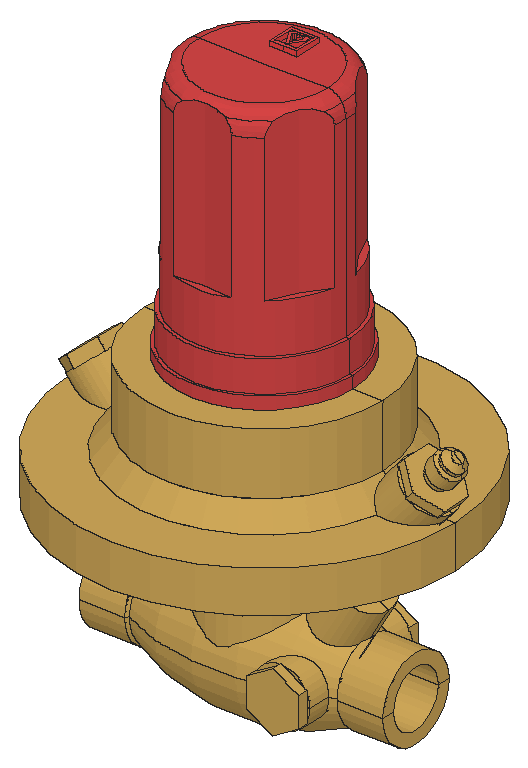
Revit family "Differenzdruckregler 4007_FIX_WE", category Rohrzubehör, Revit 2021
Family settings
  Bemaßung runder Anschluss = Durchmesser verwenden
  Teiletyp = Unterbricht
  OmniClass-Nummer = 23.65.55.14.24
  OmniClass-Titel = Mixing Valves for Liquid Services
  Arbeitsebenenbasiert = Nein
  Immer vertikal = Ja
  Beim Laden mit Abzugskörper schneiden = Nein
  Gemeinsam genutzt = Nein
Parameters
  t1 = 24.467 mm
  Vorgabe-Ansicht = 0.00 mm
  Min. Betriebstemperatur (reines Wasser) = 2 °C  # constant formula
  Min. Betriebstemperatur (Frostschutz, Messinggehäuse) = -20 °C  # constant formula
  Min. Betriebstemperatur (Frostschutz, Graugussgehäuse) = -10 °C  # constant formula
  Max. zulässige Betriebstemperatur = 95 °C  # constant formula
  Max. Differenzdruck am Gehäuse = 250000.0 Pa  # constant formula
  m4 [instance] = R03 - 11.00 mm  # 16.50 mm
  m3 = 4.00 mm
  m2 [instance] = R03 - 8.50 mm  # 19.00 mm
  m1 = 3.50 mm
  k9 = 17.65 mm
  k8 = 130.00°
  k7 = 9.45 mm
  k6 = 8.678 mm
  k5 = 11.83 mm
  k4 = 142.00°
  k3 = 63.00 mm
  k22 = 3.217 mm
  k21 = 28.72 mm
  k20 = 70.557 mm
  k2 = 49.08 mm
  k19 = 24.467 mm
  k18 = 24.467 mm
  k17 [instance] = 4.002 mm
  k16 = 7.283 mm
  k15 [instance] = size_lookup("4007_FIX_WE", "k15", 10.00 mm, Nennweite)  # 7.28 mm
  k14 = 101.662 mm
  k13 = 14.00 mm
  k12 = 39.276 mm
  k11 = 45.00 mm
  k10 = 20.56 mm
  k1 = 21.00 mm
  h2 [instance] = size_lookup("4007_FIX_WE", "h2", 18.75 mm, Nennweite)  # 18.75 mm
  h1 = 20.595 mm
  a3 = 9.50 mm
  a2 = 21.021 mm
  a1 = 9.50 mm
  Ventilgehäuse 4007 = "entzinkungsbeständiges Messing"  # constant formula
  URL = "www.herz-armaturen.at"
  Sollwertfeder = "nichtrostender Stahl"  # constant formula
  Schrauben [instance] = if(Nennweite = 15.00 mm, "4x M12x50", if(Nennweite = 20.00 mm, "4x M12x55", if(Nennweite = 25.00 mm, "4x M12x55", if(Nennweite = 32.00 mm, "4x M16x60", if(Nennweite = 40.00 mm, "4x M16x60", if(Nennweite = 50.00 mm, "4x M16x60", if(Nennweite = 65.00 mm, "4x M16x60", if(Nennweite = 80.00 mm, "8x M16x65", if(Nennweite = 100.00 mm, "8x M16x65", if(Nennweite = 125.00 mm, "8x M16x70", if(Nennweite = 150.00 mm, "8x M20x70", if(Nennweite = 200.00 mm, "12x M20x75", if(Nennweite = 250.00 mm, "12x M24x85", if(Nennweite = 300.00 mm, "12x M24x85", if(Nennweite = 350.00 mm, "16x M24x90", "16x M27x100")))))))))))))))  # "4x M12x50"
  SW [instance] = size_lookup("4007_FIX_WE", "SW", 13.50 mm, Nennweite)  # 13.50 mm
  SCRNSEQ = "ARM;ARM_TYP=\"DIFR\";2"
  SCRNCODE = "05;03;4"  # constant formula
  Rp [instance] = size_lookup("4007_FIX_WE", "Rp", 9.30 mm, Nennweite)  # 9.316 mm
  R04 [instance] = size_lookup("4007_FIX_WE", "R04", 19.50 mm, Nennweite)  # 19.50 mm
  R03 [instance] = size_lookup("4007_FIX_WE", "R03", 27.50 mm, Nennweite)  # 27.50 mm
  R02 [instance] = size_lookup("4007_FIX_WE", "R02", 12.70 mm, Nennweite)  # 12.70 mm
  R01 [instance] = size_lookup("4007_FIX_WE", "R01", 21.00 mm, Nennweite)  # 21.00 mm
  Nennweite [instance] = 15.00 mm
  Membrane und O-Ringe = "EPDM"  # constant formula
  Medium = "Die Verwendung von Ethylen- und Propylenglykol ist im Mischungsverhältnis 25 - 50 % zulässig.\r\nHeizwasserqualität entsprechend ÖNORM H 5195 bzw. VDI-Richtlinie 2035. Als Korrosionsschutz kann Helamin HS 190H oder Waterdos OXA30 verwendet werden."
  L03 [instance] = size_lookup("4007_FIX_WE", "L03", 35.00 mm, Nennweite)  # 35.00 mm
  L02 [instance] = size_lookup("4007_FIX_WE", "L02", 21.00 mm, Nennweite)  # 21.00 mm
  L01 [instance] = size_lookup("4007_FIX_WE", "L01", 15.00 mm, Nennweite)  # 15.00 mm
  L [instance] = size_lookup("4007_FIX_WE", "L", 100.00 mm, Nennweite)  # 100.00 mm
  Hinweise zum Material = "Im Hanf enthaltenes Ammoniak schädigt Messingventilgehäuse, EPDM Dichtungen werden durch Mineralöle bzw. mineralölhaltige Schmierstoffe aufgequollen und führen somit zum Ausfall der EPDM-Dichtungen. Frost- und Korrosionsschutzmittel auf der Basis von Ethylenglykol sind die entsprechenden Angaben den Unterlagen des Herstellers zu entnehmen."
  Hersteller = "HERZ-Armaturen Ges.m.b.H"  # constant formula
  DN80 [instance] = Nennweite = 80.00 mm  # no
  DN65-80 [instance] = or(Nennweite = 65.00 mm, Nennweite = 80.00 mm)  # no
  DN65 [instance] = Nennweite = 65.00 mm  # no
  DN50 [instance] = Nennweite = 50.00 mm  # no
  DN40 [instance] = Nennweite = 40.00 mm  # no
  DN32-40 [instance] = or(Nennweite = 32.00 mm, Nennweite = 40.00 mm)  # no
  DN32 [instance] = Nennweite = 32.00 mm  # no
  DN25 [instance] = Nennweite = 25.00 mm  # no
  DN20 [instance] = Nennweite = 20.00 mm  # no
  DN15-50 [instance] = or(Nennweite = 15.00 mm, Nennweite = 20.00 mm, Nennweite = 25.00 mm, Nennweite = 32.00 mm, Nennweite = 40.00 mm, Nennweite = 50.00 mm)  # yes
  DN15-20 [instance] = or(Nennweite = 15.00 mm, Nennweite = 20.00 mm)  # yes
  DN15 [instance] = Nennweite = 15.00 mm  # yes
  Max. Betriebsdruck = 1000000.0 Pa  # constant formula
  Bestellnummer [instance] = size_lookup("4007_FIX_WE", "Artnr", 0, Nennweite)  # 1400751
  B1 [instance] = size_lookup("4007_FIX_WE", "b1", 9.50 mm, Nennweite)  # 9.50 mm
  Anwendungsgebiet = "Der Differenzdruckregler ist ein Proportionalregler in Geradsitzausführung und arbeitet ohne Hilfsenergie. Der Differenzdruck- Sollwert ist fix auf 23 kPa eingestellt."
Reference planes
  plane 1 "Mitte (Vorne/hinten)": y = 0
  plane 2: z = 0
  plane 3 "Mitte (Links/rechts)": x = 0
Forms (mm)
  Revolve 1, solid, material "Messing, weicher Gelbton, geschweißt", detail levels fine
    sketch origin (0, 0, 0) x (1, 0, 0) y (0, 1, 0)
      loop
        line (-50, 9.316) -> (50, 9.316) -> (50, 13.5) -> (35, 13.5) -> (34.365, 12.7)
        arc (34.365, 12.7) -> (0, 21) -> (-34.365, 12.7) r 75.292
        line (-34.365, 12.7) -> (-35, 13.5) -> (-50, 13.5) -> (-50, 9.316)
      axis (50, 0) -> (-50, 0)
    angle from 0 to 360
  Revolve 2, solid, material "Messing, weicher Gelbton, geschweißt", detail levels fine
    sketch origin (0, 0, 0) x (1, 0, 0) y (0, 0, 1)
      loop
        line (-19.5, 35) -> (-19.5, 0) -> (0, 0) -> (0, 35) -> (-19.5, 35)
      axis (0, 35) -> (0, 0)
    angle from 0 to 360
  Revolve 3, solid, material "Messing, weicher Gelbton, geschweißt", detail levels fine
    sketch origin (0, 0, 1.88) x (1, 0, 0) y (0, 0, 1)
      loop
        line (0, 33.116) -> (0, 134.779) -> (-21, 134.779) -> (-21, 82.196) -> (-39.276, 82.196) -> (-39.276, 61.639) -> (-45.35, 54.4) -> (-63, 54.4) -> (-63, 40.4) -> (-54.322, 40.4) -> (-45, 33.116) -> (0, 33.116)
      axis (0, 134.779) -> (0, 33.116)
    angle from 0 to 360
  Revolve 4, solid, material "Messing, weicher Gelbton, geschweißt", visible <- "DN15", detail levels fine
    sketch origin (0, 0, 0) x (1, 0, 0) y (0, 0, 1)
      loop
        line (-22.014, 8.727) -> (-13.787, 13.477) -> (-24.773, 32.507) -> (-33, 27.757) -> (-22.014, 8.727)
      axis (-33, 27.757) -> (-22.014, 8.727)
    angle from 0 to 360
  Revolve 5, solid, material "Messing, weicher Gelbton, geschweißt", visible <- "DN15", detail levels fine
    sketch origin (0, 0, 0) x (-1, 0, 0) y (0, 0, 1)
      loop
        line (-22.014, 8.727) -> (-13.787, 13.477) -> (-24.773, 32.507) -> (-33, 27.757) -> (-22.014, 8.727)
      axis (-33, 27.757) -> (-22.014, 8.727)
    angle from 0 to 360
  Revolve 6, solid, material "Messing, weicher Gelbton, geschweißt", visible <- "DN20", detail levels fine
    sketch origin (-0.6, 0, 0.94) x (1, 0, 0) y (0, 0, 1)
      loop
        line (-22.014, 8.727) -> (-13.787, 13.477) -> (-24.773, 32.507) -> (-33, 27.757) -> (-22.014, 8.727)
      axis (-33, 27.757) -> (-22.014, 8.727)
    angle from 0 to 360
  Revolve 7, solid, material "Messing, weicher Gelbton, geschweißt", visible <- "DN20", detail levels fine
    sketch origin (0.6, 0, 0.94) x (-1, 0, 0) y (0, 0, 1)
      loop
        line (-22.014, 8.727) -> (-13.787, 13.477) -> (-24.773, 32.507) -> (-33, 27.757) -> (-22.014, 8.727)
      axis (-33, 27.757) -> (-22.014, 8.727)
    angle from 0 to 360
  Revolve 8, solid, material "Messing, weicher Gelbton, geschweißt", visible <- "DN25", detail levels fine
    sketch origin (-4.851, 0, 5.003) x (1, 0, 0) y (0, 0, 1)
      loop
        line (-22.014, 8.727) -> (-13.787, 13.477) -> (-24.773, 32.507) -> (-33, 27.757) -> (-22.014, 8.727)
      axis (-33, 27.757) -> (-22.014, 8.727)
    angle from 0 to 360
  Revolve 9, solid, material "Messing, weicher Gelbton, geschweißt", visible <- "DN25", detail levels fine
    sketch origin (4.851, 0, 5.003) x (-1, 0, 0) y (0, 0, 1)
      loop
        line (-22.014, 8.727) -> (-13.787, 13.477) -> (-24.773, 32.507) -> (-33, 27.757) -> (-22.014, 8.727)
      axis (-33, 27.757) -> (-22.014, 8.727)
    angle from 0 to 360
  Revolve 10, solid, material "Messing, weicher Gelbton, geschweißt", visible <- "DN32", detail levels fine
    sketch origin (-12.5, 0, 10.252) x (1, 0, 0) y (0, 0, 1)
      loop
        line (-22.014, 8.727) -> (-13.787, 13.477) -> (-24.773, 32.507) -> (-33, 27.757) -> (-22.014, 8.727)
      axis (-33, 27.757) -> (-22.014, 8.727)
    angle from 0 to 360
  Revolve 11, solid, material "Messing, weicher Gelbton, geschweißt", visible <- "DN32", detail levels fine
    sketch origin (12.5, 0, 10.252) x (-1, 0, 0) y (0, 0, 1)
      loop
        line (-22.014, 8.727) -> (-13.787, 13.477) -> (-24.773, 32.507) -> (-33, 27.757) -> (-22.014, 8.727)
      axis (-33, 27.757) -> (-22.014, 8.727)
    angle from 0 to 360
  Revolve 12, solid, material "Messing, weicher Gelbton, geschweißt", visible <- "DN40", detail levels fine
    sketch origin (-18.5, 0, 13.444) x (1, 0, 0) y (0, 0, 1)
      loop
        line (-22.014, 8.727) -> (-13.787, 13.477) -> (-24.773, 32.507) -> (-33, 27.757) -> (-22.014, 8.727)
      axis (-33, 27.757) -> (-22.014, 8.727)
    angle from 0 to 360
  Revolve 13, solid, material "Messing, weicher Gelbton, geschweißt", visible <- "DN40", detail levels fine
    sketch origin (18.5, 0, 13.444) x (-1, 0, 0) y (0, 0, 1)
      loop
        line (-22.014, 8.727) -> (-13.787, 13.477) -> (-24.773, 32.507) -> (-33, 27.757) -> (-22.014, 8.727)
      axis (-33, 27.757) -> (-22.014, 8.727)
    angle from 0 to 360
  Revolve 14, solid, material "Messing, weicher Gelbton, geschweißt", visible <- "DN50", detail levels fine
    sketch origin (-23.5, 0, 19.174) x (1, 0, 0) y (0, 0, 1)
      loop
        line (-22.014, 8.727) -> (-13.787, 13.477) -> (-24.773, 32.507) -> (-33, 27.757) -> (-22.014, 8.727)
      axis (-33, 27.757) -> (-22.014, 8.727)
    angle from 0 to 360
  Revolve 15, solid, material "Messing, weicher Gelbton, geschweißt", visible <- "DN50", detail levels fine
    sketch origin (23.5, 0, 19.174) x (-1, 0, 0) y (0, 0, 1)
      loop
        line (-22.014, 8.727) -> (-13.787, 13.477) -> (-24.773, 32.507) -> (-33, 27.757) -> (-22.014, 8.727)
      axis (-33, 27.757) -> (-22.014, 8.727)
    angle from 0 to 360
  Revolve 16, solid, material "Messing, weicher Gelbton, geschweißt", detail levels fine
    sketch origin (0, 0, 0) x (1, 0, 0) y (0, 1, 0)
      loop
        line (32, 0) -> (32, 21) -> (22.5, 21) -> (22.5, 0) -> (32, 0)
      axis (22.5, 21) -> (22.5, 0)
    angle from 0 to 360
  Revolve 17, solid, material "Messing, weicher Gelbton, geschweißt", detail levels fine
    sketch origin (0, 0, 0) x (1, 0, 0) y (0, -1, 0)
      loop
        line (32, 0) -> (32, 21) -> (22.5, 21) -> (22.5, 0) -> (32, 0)
      axis (22.5, 21) -> (22.5, 0)
    angle from 0 to 360
  Extrusion 18, solid, material "Messing, weicher Gelbton, geschweißt", visible <- "DN15-50", detail levels fine
    sketch origin (0, 0, 0) x (1, 0, 0) y (0, 0, -1)
      loop
        line (31, -4.907) -> (31, 4.907) -> (22.5, 9.815) -> (14, 4.907) -> (14, -4.907) -> (22.5, -9.815) -> (31, -4.907)
    from 21 to 24.5
  Extrusion 19, solid, material "Messing, weicher Gelbton, geschweißt", visible <- "DN15-50", detail levels fine
    sketch origin (0, 0, 0) x (1, 0, 0) y (0, 0, 1)
      loop
        line (31, 4.907) -> (22.5, 9.815) -> (14, 4.907) -> (14, -4.907) -> (22.5, -9.815) -> (31, -4.907) -> (31, 4.907)
    from 21 to 24.5
  Revolve 20, solid, material "Messing, weicher Gelbton, geschweißt", detail levels fine
    sketch origin (0, 0, 0) x (1, 0, 0) y (0, 0, 1)
      loop
        line (-54.637, 64.894) -> (-41.125, 48.791) -> (-33.848, 54.897) -> (-47.36, 71) -> (-54.637, 64.894)
      axis (-54.637, 64.894) -> (-41.125, 48.791)
    angle from 0 to 360
  Revolve 21, solid, material "Messing, weicher Gelbton, geschweißt", detail levels fine
    sketch origin (0, 0, 0) x (-1, 0, 0) y (0, 0, 1)
      loop
        line (-54.637, 64.894) -> (-41.125, 48.791) -> (-33.848, 54.897) -> (-47.36, 71) -> (-54.637, 64.894)
      axis (-54.637, 64.894) -> (-41.125, 48.791)
    angle from 0 to 360
  Extrusion 22, solid, material "Messing, weicher Gelbton, geschweißt", visible <- "DN15-20", detail levels fine
    sketch origin (-123.581, 0, 7.046) x (0.766044, 0, 0.642788) y (0, 1, 0)
      loop
        line (98.5, 4.907) -> (90, 9.815) -> (81.5, 4.907) -> (81.5, -4.907) -> (90, -9.815) -> (98.5, -4.907) -> (98.5, 4.907)
    from 0 to 4
  Extrusion 23, solid, material "Messing, weicher Gelbton, geschweißt", visible <- "DN15-20", detail levels fine
    sketch origin (-14.307, 0, 122.748) x (0.766044, 0, -0.642788) y (0, 1, 0)
      loop
        line (98.5, 4.907) -> (90, 9.815) -> (81.5, 4.907) -> (81.5, -4.907) -> (90, -9.815) -> (98.5, -4.907) -> (98.5, 4.907)
    from 0 to 3.4
  Revolve 24, solid, material "Messing, weicher Gelbton, geschweißt", visible <- "DN15-20", detail levels fine
    sketch origin (0, 0, 0) x (1, 0, 0) y (0, 0, 1)
      loop
        line (56.822, 67.502) -> (59.81, 64.995) -> (61.417, 66.91) -> (62.155, 66.29) -> (65.109, 69.81) -> (64.941, 71.133) -> (65.648, 71.975) -> (65.414, 74.652) -> (63.893, 75.928) -> (56.822, 67.502)
      axis (63.893, 75.928) -> (56.822, 67.502)
    angle from 0 to 360
  Extrusion 25, solid, material "Messing, weicher Gelbton, geschweißt", visible <- "DN25", detail levels fine
    sketch origin (-123.581, 0, 17.046) x (0.766044, 0, 0.642788) y (0, 1, 0)
      loop
        line (98.5, 4.907) -> (90, 9.815) -> (81.5, 4.907) -> (81.5, -4.907) -> (90, -9.815) -> (98.5, -4.907) -> (98.5, 4.907)
    from 0 to 4
  Extrusion 26, solid, material "Messing, weicher Gelbton, geschweißt", visible <- "DN25", detail levels fine
    sketch origin (-14.307, 0, 132.748) x (0.766044, 0, -0.642788) y (0, 1, 0)
      loop
        line (98.5, 4.907) -> (90, 9.815) -> (81.5, 4.907) -> (81.5, -4.907) -> (90, -9.815) -> (98.5, -4.907) -> (98.5, 4.907)
    from 0 to 3.4
  Revolve 27, solid, material "Messing, weicher Gelbton, geschweißt", visible <- "DN25", detail levels fine
    sketch origin (0, 0, 10) x (1, 0, 0) y (0, 0, 1)
      loop
        line (56.822, 67.502) -> (59.81, 64.995) -> (61.417, 66.91) -> (62.155, 66.29) -> (65.109, 69.81) -> (64.941, 71.133) -> (65.648, 71.975) -> (65.414, 74.652) -> (63.893, 75.928) -> (56.822, 67.502)
      axis (63.893, 75.928) -> (56.822, 67.502)
    angle from 0 to 360
  Extrusion 28, solid, material "Messing, weicher Gelbton, geschweißt", visible <- "DN32-40", detail levels fine
    sketch origin (-123.581, 0, 22.046) x (0.766044, 0, 0.642788) y (0, 1, 0)
      loop
        line (98.5, 4.907) -> (90, 9.815) -> (81.5, 4.907) -> (81.5, -4.907) -> (90, -9.815) -> (98.5, -4.907) -> (98.5, 4.907)
    from 0 to 4
  Extrusion 29, solid, material "Messing, weicher Gelbton, geschweißt", visible <- "DN32-40", detail levels fine
    sketch origin (-14.307, 0, 137.748) x (0.766044, 0, -0.642788) y (0, 1, 0)
      loop
        line (98.5, 4.907) -> (90, 9.815) -> (81.5, 4.907) -> (81.5, -4.907) -> (90, -9.815) -> (98.5, -4.907) -> (98.5, 4.907)
    from 0 to 3.4
  Revolve 30, solid, material "Messing, weicher Gelbton, geschweißt", visible <- "DN32-40", detail levels fine
    sketch origin (0, 0, 15) x (1, 0, 0) y (0, 0, 1)
      loop
        line (56.822, 67.502) -> (59.81, 64.995) -> (61.417, 66.91) -> (62.155, 66.29) -> (65.109, 69.81) -> (64.941, 71.133) -> (65.648, 71.975) -> (65.414, 74.652) -> (63.893, 75.928) -> (56.822, 67.502)
      axis (63.893, 75.928) -> (56.822, 67.502)
    angle from 0 to 360
  Extrusion 31, solid, material "Messing, weicher Gelbton, geschweißt", visible <- "DN50", detail levels fine
    sketch origin (-123.581, 0, 32.546) x (0.766044, 0, 0.642788) y (0, 1, 0)
      loop
        line (98.5, 4.907) -> (90, 9.815) -> (81.5, 4.907) -> (81.5, -4.907) -> (90, -9.815) -> (98.5, -4.907) -> (98.5, 4.907)
    from 0 to 4
  Extrusion 32, solid, material "Messing, weicher Gelbton, geschweißt", visible <- "DN50", detail levels fine
    sketch origin (-14.307, 0, 148.248) x (0.766044, 0, -0.642788) y (0, 1, 0)
      loop
        line (98.5, 4.907) -> (90, 9.815) -> (81.5, 4.907) -> (81.5, -4.907) -> (90, -9.815) -> (98.5, -4.907) -> (98.5, 4.907)
    from 0 to 3.4
  Revolve 33, solid, material "Messing, weicher Gelbton, geschweißt", visible <- "DN50", detail levels fine
    sketch origin (0, 0, 25.5) x (1, 0, 0) y (0, 0, 1)
      loop
        line (56.822, 67.502) -> (59.81, 64.995) -> (61.417, 66.91) -> (62.155, 66.29) -> (65.109, 69.81) -> (64.941, 71.133) -> (65.648, 71.975) -> (65.414, 74.652) -> (63.893, 75.928) -> (56.822, 67.502)
      axis (63.893, 75.928) -> (56.822, 67.502)
    angle from 0 to 360
  Extrusion 34, solid, material "Messing, weicher Gelbton, geschweißt", visible <- "DN65-80", detail levels fine
    sketch origin (31.509, 0, 0) x (1, 0, 0) y (0, 0, -1)
      loop
        line (1.991, -6.351) -> (1.991, 6.351) -> (-9.009, 12.702) -> (-20.009, 6.351) -> (-20.009, -6.351) -> (-9.009, -12.702) -> (1.991, -6.351)
    from 21 to 25
  Extrusion 35, solid, material "Messing, weicher Gelbton, geschweißt", visible <- "DN65-80", detail levels fine
    sketch origin (31.509, 0, 0) x (1, 0, 0) y (0, 0, 1)
      loop
        line (1.991, 6.351) -> (-9.009, 12.702) -> (-20.009, 6.351) -> (-20.009, -6.351) -> (-9.009, -12.702) -> (1.991, -6.351) -> (1.991, 6.351)
    from 21 to 25
  Revolve 36, solid, material "Messing, weicher Gelbton, geschweißt", visible <- "DN65", detail levels fine
    sketch origin (-32, 0, 28.317) x (1, 0, 0) y (0, 0, 1)
      loop
        line (-22.014, 8.727) -> (-13.787, 13.477) -> (-24.773, 32.507) -> (-33, 27.757) -> (-22.014, 8.727)
      axis (-33, 27.757) -> (-22.014, 8.727)
    angle from 0 to 360
  Revolve 37, solid, material "Messing, weicher Gelbton, geschweißt", visible <- "DN65", detail levels fine
    sketch origin (32, 0, 28.317) x (-1, 0, 0) y (0, 0, 1)
      loop
        line (-22.014, 8.727) -> (-13.787, 13.477) -> (-24.773, 32.507) -> (-33, 27.757) -> (-22.014, 8.727)
      axis (-33, 27.757) -> (-22.014, 8.727)
    angle from 0 to 360
  Revolve 38, solid, material "Messing, weicher Gelbton, geschweißt", visible <- "DN80", detail levels fine
    sketch origin (-41, 0, 35.243) x (1, 0, 0) y (0, 0, 1)
      loop
        line (-22.014, 8.727) -> (-13.787, 13.477) -> (-24.773, 32.507) -> (-33, 27.757) -> (-22.014, 8.727)
      axis (-33, 27.757) -> (-22.014, 8.727)
    angle from 0 to 360
  Revolve 39, solid, material "Messing, weicher Gelbton, geschweißt", visible <- "DN80", detail levels fine
    sketch origin (41, 0, 35.243) x (-1, 0, 0) y (0, 0, 1)
      loop
        line (-22.014, 8.727) -> (-13.787, 13.477) -> (-24.773, 32.507) -> (-33, 27.757) -> (-22.014, 8.727)
      axis (-33, 27.757) -> (-22.014, 8.727)
    angle from 0 to 360
  Revolve 40, solid, material "Messing, weicher Gelbton, geschweißt", detail levels fine
    sketch origin (0, 0, 1.7) x (1, 0, 0) y (0, 0, 1)
      loop
        line (0, 36.517) -> (-42, 36.517) -> (-42, 33.3) -> (0, 33.3) -> (0, 36.517)
      axis (0, 36.517) -> (0, 33.3)
    angle from 0 to 360
  Extrusion 41, solid, material "Messing, weicher Gelbton, geschweißt", visible <- "DN65", detail levels fine
    sketch origin (-123.581, 0, 40.263) x (0.766044, 0, 0.642788) y (0, 1, 0)
      loop
        line (98.5, 4.907) -> (90, 9.815) -> (81.5, 4.907) -> (81.5, -4.907) -> (90, -9.815) -> (98.5, -4.907) -> (98.5, 4.907)
    from 0 to 4
  Extrusion 42, solid, material "Messing, weicher Gelbton, geschweißt", visible <- "DN65", detail levels fine
    sketch origin (123.581, 0, 40.263) x (-0.766044, 0, 0.642788) y (0, -1, 0)
      loop
        line (98.5, -4.907) -> (98.5, 4.907) -> (90, 9.815) -> (81.5, 4.907) -> (81.5, -4.907) -> (90, -9.815) -> (98.5, -4.907)
    from 0 to 4
  Revolve 43, solid, material "Messing, weicher Gelbton, geschweißt", visible <- "DN65", detail levels fine
    sketch origin (0.386, 0, 33.676) x (1, 0, 0) y (0, 0, 1)
      loop
        line (56.822, 67.502) -> (59.81, 64.995) -> (61.417, 66.91) -> (62.155, 66.29) -> (65.109, 69.81) -> (64.941, 71.133) -> (65.648, 71.975) -> (65.414, 74.652) -> (63.893, 75.928) -> (56.822, 67.502)
      axis (63.893, 75.928) -> (56.822, 67.502)
    angle from 0 to 360
  Extrusion 44, solid, material "Messing, weicher Gelbton, geschweißt", visible <- "DN80", detail levels fine
    sketch origin (-123.581, 0, 41.963) x (0.766044, 0, 0.642788) y (0, 1, 0)
      loop
        line (98.5, 4.907) -> (90, 9.815) -> (81.5, 4.907) -> (81.5, -4.907) -> (90, -9.815) -> (98.5, -4.907) -> (98.5, 4.907)
    from 0 to 4
  Extrusion 45, solid, material "Messing, weicher Gelbton, geschweißt", visible <- "DN80", detail levels fine
    sketch origin (123.581, 0, 41.963) x (-0.766044, 0, 0.642788) y (0, -1, 0)
      loop
        line (98.5, -4.907) -> (98.5, 4.907) -> (90, 9.815) -> (81.5, 4.907) -> (81.5, -4.907) -> (90, -9.815) -> (98.5, -4.907)
    from 0 to 4
  Revolve 46, solid, material "Messing, weicher Gelbton, geschweißt", visible <- "DN80", detail levels fine
    sketch origin (0.386, 0, 35.376) x (1, 0, 0) y (0, 0, 1)
      loop
        line (56.822, 67.502) -> (59.81, 64.995) -> (61.417, 66.91) -> (62.155, 66.29) -> (65.109, 69.81) -> (64.941, 71.133) -> (65.648, 71.975) -> (65.414, 74.652) -> (63.893, 75.928) -> (56.822, 67.502)
      axis (63.893, 75.928) -> (56.822, 67.502)
    angle from 0 to 360
  Extrusion 47, solid, material "Messing, weicher Gelbton, geschweißt", visible <- "DN65", detail levels fine
    sketch origin (0, 0, 0) x (0, 1, 0) y (0, 0, -1)
      loop
        circle (0, 0.217) r 46
      loop
        circle (0, 0.217) r 42.499
    from 90 to 95
  Extrusion 48, solid, material "Messing, weicher Gelbton, geschweißt", visible <- "DN80", detail levels fine
    sketch origin (0, 0, 0) x (0, 1, 0) y (0, 0, 1)
      loop
        circle (0, -0.217) r 54
      loop
        circle (0, -0.217) r 50
    from -105 to -100
  Extrusion 49, solid, material "Messing, weicher Gelbton, geschweißt", visible <- "DN80", detail levels fine
    sketch origin (0, 0, 0) x (0, 1, 0) y (0, 0, -1)
      loop
        circle (0, 0.217) r 54
      loop
        circle (0, 0.217) r 50
    from -105 to -100
  Extrusion 50, solid, material "Messing, weicher Gelbton, geschweißt", visible <- "DN65", detail levels fine
    sketch origin (0, 0, 0) x (0, 1, 0) y (0, 0, 1)
      loop
        circle (0, -0.217) r 46
      loop
        circle (0, -0.217) r 42.499
    from 90 to 95
Lines and regions (mm)
  model lines, detail levels coarse+medium
    curve 1: spline (-63, 0, 49.28) -> (-60.853, 0, 51.092) -> (-54.56, 0, 52.78) -> (-44.548, 0, 54.23) -> (-31.5, 0, 55.342) -> (-16.306, 0, 56.041) -> (0, 0, 56.28) -> (16.306, 0, 56.041) -> (31.5, 0, 55.342) -> (44.548, 0, 54.23) -> (54.56, 0, 52.78) -> (60.853, 0, 51.092) -> (63, 0, 49.28) -> (60.853, 0, 47.468) -> (54.56, 0, 45.78) -> (44.548, 0, 44.33) -> (31.5, 0, 43.218) -> (16.306, 0, 42.519) -> (0, 0, 42.28) -> (-16.306, 0, 42.519) -> (-31.5, 0, 43.218) -> (-44.548, 0, 44.33) -> (-54.56, 0, 45.78) -> (-60.853, 0, 47.468) -> (-63, 0, 49.28)
    curve 2: line (50, 0, 13.5) -> (50, 0, -13.5)
    curve 3: line (50, 0, -13.5) -> (-50, 0, 13.5)
    curve 4: line (-50, 0, 13.5) -> (-50, 0, -13.5)
    curve 5: line (-50, 0, -13.5) -> (50, 0, 13.5)
    curve 6: line (25, 0, 6.75) -> (0, 0, 35)
    curve 7: line (-25, 0, 6.75) -> (0, 0, 35)
    curve 8: line (0, 0, 35) -> (0, 0, 42.28)
    curve 9: spline (-63, -49.28, 0) -> (-60.853, -47.468, 0) -> (-54.56, -45.78, 0) -> (-44.548, -44.33, 0) -> (-31.5, -43.218, 0) -> (-16.306, -42.519, 0) -> (0, -42.28, 0) -> (16.306, -42.519, 0) -> (31.5, -43.218, 0) -> (44.548, -44.33, 0) -> (54.56, -45.78, 0) -> (60.853, -47.468, 0) -> (63, -49.28, 0) -> (60.853, -51.092, 0) -> (54.56, -52.78, 0) -> (44.548, -54.23, 0) -> (31.5, -55.342, 0) -> (16.306, -56.041, 0) -> (0, -56.28, 0) -> (-16.306, -56.041, 0) -> (-31.5, -55.342, 0) -> (-44.548, -54.23, 0) -> (-54.56, -52.78, 0) -> (-60.853, -51.092, 0) -> (-63, -49.28, 0)
    curve 10: line (-50, 13.5, 0) -> (50, -13.5, 0)
    curve 11: line (50, -13.5, 0) -> (50, 13.5, 0)
    curve 12: line (50, 13.5, 0) -> (-50, -13.5, 0)
    curve 13: line (-50, -13.5, 0) -> (-50, 13.5, 0)
    curve 14: line (0, -35, 0) -> (0, -42.28, 0)
    curve 15: line (-16.667, -4.5, 0) -> (0, -35, 0)
    curve 16: line (16.667, -4.5, 0) -> (0, -35, 0)
Dimensions and locks
  "L": Revolve 1 sketch curve to Revolve 1 sketch curve
  equal spacing: Revolve 1 sketch curve, plane 3 "Mitte (Links/rechts)", Revolve 1 sketch curve  (x2)
  "Rp": plane 1 "Mitte (Vorne/hinten)" to Revolve 1 sketch curve
  "SW": plane 1 "Mitte (Vorne/hinten)" to Revolve 1 sketch curve
  "SW": Revolve 1 sketch curve to plane 1 "Mitte (Vorne/hinten)"
  "R02": plane 1 "Mitte (Vorne/hinten)" to Revolve 1 sketch curve  (x2)
  "R01": plane 1 "Mitte (Vorne/hinten)" to Revolve 1 sketch curve
  "L01": Revolve 1 sketch curve to Revolve 1 sketch curve  (x2)
  "L02": plane 1 "Mitte (Vorne/hinten)" to Revolve 16 sketch curve
  "R03": Revolve 16 sketch curve to Revolve 1
  "B1": Revolve 16 sketch curve to Revolve 16 sketch curve
  "B1": Revolve 17 sketch curve to Revolve 17 sketch curve
  "R03": Revolve 17 sketch curve to Revolve 1
  "L02": Revolve 17 sketch curve to plane 1 "Mitte (Vorne/hinten)"
  "L02": plane 1 "Mitte (Vorne/hinten)" to Extrusion 18
  "m2": Extrusion 18 to Revolve 1
  "m1": Extrusion 18 to Extrusion 18
  "L02": plane 1 "Mitte (Vorne/hinten)" to Extrusion 19
  "m2": Extrusion 19 to Revolve 1
  "m1": Extrusion 19 to Extrusion 19
  "R04": Revolve 2 sketch curve to plane 3 "Mitte (Links/rechts)"
  "L03": Revolve 2 sketch curve to plane 2
  "k1": Revolve 3 sketch curve to Revolve 3 sketch curve
  "k3": Revolve 3 sketch curve to Revolve 3 sketch curve
  "k5": Revolve 3 sketch curve to Revolve 3 sketch curve
  "k6": Revolve 3 sketch curve to Revolve 3 sketch curve
  "k7": Revolve 3 sketch curve to Revolve 3 sketch curve
  "k9": Revolve 3 sketch curve to Revolve 3 sketch curve
  "k11": Revolve 3 sketch curve to Revolve 3 sketch curve
  "k12": Revolve 3 sketch curve to Revolve 3 sketch curve
  "k13": Revolve 3 sketch curve to Revolve 3 sketch curve
  "k14": Revolve 3 sketch curve to Revolve 3 sketch curve
  "a1": Revolve 20 sketch curve to Revolve 20 sketch curve
  "a2": Revolve 20 sketch curve to Revolve 20 sketch curve
  "a2": Revolve 21 sketch curve to Revolve 21 sketch curve
  "a1": Revolve 21 sketch curve to Revolve 21 sketch curve
  "a3": Revolve 20 sketch curve to Revolve 20 sketch curve
  "a3": Revolve 21 sketch curve to Revolve 21 sketch curve
  "k15": Revolve 3 to Revolve 2
  "k16": Revolve 3 sketch curve to Revolve 3 sketch curve
  "k17": nested 1 to Revolve 3
  "k21": Revolve 20 sketch curve to Revolve 3
  "k21": Revolve 21 sketch curve to Revolve 3
  "h1": Revolve 3 to nested 2
  "h2": plane 1 "Mitte (Vorne/hinten)" to nested 2
  "m3": Extrusion 34 to Extrusion 34
  "m3": Extrusion 34 to Revolve 16
  "m4": Extrusion 34 to Revolve 1
  "m3": Extrusion 35 to Extrusion 35
  "m4": Extrusion 35 to Revolve 1
  "m3": Extrusion 35 to Revolve 17
  nested 1 to level = 170.005 mm
  "k22": Revolve 40 to Revolve 2
  "k2": Revolve 3 sketch curve to Revolve 3 sketch curve
  equal spacing: curve 4, plane 3 "Mitte (Links/rechts)", curve 2
  "L": curve 4 to curve 2
  "k3": plane 3 "Mitte (Links/rechts)" to curve 1
  "k13": curve 1 to curve 1
  "k15": curve 1 to Revolve 2
  "SW": curve 4 to plane 2
  "SW": plane 2 to curve 5
  "SW": curve 5 to plane 2 to curve 3
  equal spacing: curve 4, curve 7, curve 7, curve 6, curve 2
  "k3": curve 1 to plane 3 "Mitte (Links/rechts)"
  "L03": curve 8 to plane 2
  "k15": curve 8 to curve 8
  "k3": curve 9 to plane 3 "Mitte (Links/rechts)" to curve 9
  "k13": curve 9 to curve 9
  equal spacing: curve 13, curve 15, curve 16, curve 11
  "L": curve 13 to curve 11
  "SW": plane 1 "Mitte (Vorne/hinten)" to curve 13
  "SW": curve 13 to plane 1 "Mitte (Vorne/hinten)"
  "SW": plane 1 "Mitte (Vorne/hinten)" to curve 12
  "SW": curve 11 to plane 1 "Mitte (Vorne/hinten)"
  "k15": curve 16 to curve 14
  equal spacing: curve 13, plane 3 "Mitte (Links/rechts)", curve 11
  "L03": curve 16 to plane 1 "Mitte (Vorne/hinten)"
  "k4": angle Revolve 3 sketch curve to Revolve 3 sketch curve
  "k8": angle Revolve 3 sketch curve to Revolve 3 sketch curve
  aligned and locked: level to plane 2
Automatic sketch dimensions
  Revolve 4 sketch curve to plane 3 "Mitte (Links/rechts)" = 33.00 mm
  Revolve 4 sketch curve to Revolve 4 sketch curve = 8.227 mm
  level to Revolve 4 sketch curve = 8.727 mm  (x2)
  Revolve 4 sketch curve to Revolve 4 sketch curve = 10.987 mm
  Revolve 4 sketch curve to Revolve 4 sketch curve = 4.75 mm
  Revolve 4 sketch curve to Revolve 4 sketch curve = 0.00 mm  (x3)
  Revolve 5 sketch curve to plane 3 "Mitte (Links/rechts)" = 33.00 mm
  Revolve 5 sketch curve to Revolve 5 sketch curve = 8.227 mm
  Revolve 5 sketch curve to level = 8.727 mm  (x2)
  Revolve 5 sketch curve to Revolve 5 sketch curve = 10.987 mm
  Revolve 5 sketch curve to Revolve 5 sketch curve = 4.75 mm
  Revolve 5 sketch curve to Revolve 5 sketch curve = 0.00 mm  (x3)
  Revolve 6 sketch curve to plane 3 "Mitte (Links/rechts)" = 33.60 mm
  Revolve 6 sketch curve to Revolve 6 sketch curve = 8.227 mm
  level to Revolve 6 sketch curve = 9.668 mm  (x2)
  Revolve 6 sketch curve to Revolve 6 sketch curve = 10.987 mm
  Revolve 6 sketch curve to Revolve 6 sketch curve = 4.75 mm
  Revolve 6 sketch curve to Revolve 6 sketch curve = 0.00 mm  (x3)
  Revolve 7 sketch curve to plane 3 "Mitte (Links/rechts)" = 33.60 mm
  Revolve 7 sketch curve to Revolve 7 sketch curve = 8.227 mm
  Revolve 7 sketch curve to level = 9.668 mm  (x2)
  Revolve 7 sketch curve to Revolve 7 sketch curve = 10.987 mm
  Revolve 7 sketch curve to Revolve 7 sketch curve = 4.75 mm
  Revolve 7 sketch curve to Revolve 7 sketch curve = 0.00 mm  (x3)
  Revolve 8 sketch curve to plane 3 "Mitte (Links/rechts)" = 37.851 mm
  Revolve 8 sketch curve to Revolve 8 sketch curve = 8.227 mm
  level to Revolve 8 sketch curve = 13.731 mm
  Revolve 8 sketch curve to Revolve 8 sketch curve = 10.987 mm
  Revolve 8 sketch curve to Revolve 8 sketch curve = 4.75 mm
  Revolve 8 sketch curve to Revolve 8 sketch curve = 0.00 mm  (x4)
  Revolve 9 sketch curve to plane 3 "Mitte (Links/rechts)" = 37.851 mm
  Revolve 9 sketch curve to Revolve 9 sketch curve = 8.227 mm
  Revolve 9 sketch curve to level = 13.731 mm
  Revolve 9 sketch curve to Revolve 9 sketch curve = 10.987 mm
  Revolve 9 sketch curve to Revolve 9 sketch curve = 4.75 mm
  Revolve 9 sketch curve to Revolve 9 sketch curve = 0.00 mm  (x4)
  Revolve 10 sketch curve to plane 3 "Mitte (Links/rechts)" = 45.50 mm
  Revolve 10 sketch curve to Revolve 10 sketch curve = 8.227 mm
  Revolve 10 sketch curve to Revolve 10 sketch curve = 10.987 mm
  level to Revolve 10 sketch curve = 18.979 mm
  Revolve 10 sketch curve to Revolve 10 sketch curve = 4.75 mm
  Revolve 10 sketch curve to Revolve 10 sketch curve = 0.00 mm  (x4)
  Revolve 11 sketch curve to plane 3 "Mitte (Links/rechts)" = 45.50 mm
  Revolve 11 sketch curve to Revolve 11 sketch curve = 8.227 mm
  Revolve 11 sketch curve to Revolve 11 sketch curve = 10.987 mm
  Revolve 11 sketch curve to level = 18.979 mm
  Revolve 11 sketch curve to Revolve 11 sketch curve = 4.75 mm
  Revolve 11 sketch curve to Revolve 11 sketch curve = 0.00 mm  (x4)
  Revolve 12 sketch curve to plane 3 "Mitte (Links/rechts)" = 51.50 mm
  Revolve 12 sketch curve to Revolve 12 sketch curve = 8.227 mm
  Revolve 12 sketch curve to Revolve 12 sketch curve = 10.987 mm
  level to Revolve 12 sketch curve = 22.171 mm
  Revolve 12 sketch curve to Revolve 12 sketch curve = 4.75 mm
  Revolve 12 sketch curve to Revolve 12 sketch curve = 0.00 mm  (x4)
  Revolve 13 sketch curve to plane 3 "Mitte (Links/rechts)" = 51.50 mm
  Revolve 13 sketch curve to Revolve 13 sketch curve = 8.227 mm
  Revolve 13 sketch curve to Revolve 13 sketch curve = 10.987 mm
  Revolve 13 sketch curve to level = 22.171 mm
  Revolve 13 sketch curve to Revolve 13 sketch curve = 4.75 mm
  Revolve 13 sketch curve to Revolve 13 sketch curve = 0.00 mm  (x4)
  Revolve 14 sketch curve to plane 3 "Mitte (Links/rechts)" = 56.50 mm
  Revolve 14 sketch curve to Revolve 14 sketch curve = 8.227 mm
  Revolve 14 sketch curve to Revolve 14 sketch curve = 10.987 mm
  level to Revolve 14 sketch curve = 27.902 mm
  Revolve 14 sketch curve to Revolve 14 sketch curve = 4.75 mm
  Revolve 14 sketch curve to Revolve 14 sketch curve = 0.00 mm  (x4)
  Revolve 15 sketch curve to plane 3 "Mitte (Links/rechts)" = 56.50 mm
  Revolve 15 sketch curve to Revolve 15 sketch curve = 8.227 mm
  Revolve 15 sketch curve to Revolve 15 sketch curve = 10.987 mm
  Revolve 15 sketch curve to level = 27.902 mm
  Revolve 15 sketch curve to Revolve 15 sketch curve = 4.75 mm
  Revolve 15 sketch curve to Revolve 15 sketch curve = 0.00 mm  (x4)
  Extrusion 18 sketch curve to level = 4.907 mm  (x2)
  plane 3 "Mitte (Links/rechts)" to Extrusion 18 sketch curve = 14.00 mm
  level to Extrusion 18 sketch curve = 9.815 mm
  Extrusion 18 sketch curve to Extrusion 18 sketch curve = 8.50 mm  (x3)
  Extrusion 18 sketch curve to level = 9.815 mm
  level to Extrusion 18 sketch curve = 4.907 mm  (x2)
  Extrusion 19 sketch curve to level = 4.907 mm  (x2)
  plane 3 "Mitte (Links/rechts)" to Extrusion 19 sketch curve = 14.00 mm
  level to Extrusion 19 sketch curve = 9.815 mm
  Extrusion 19 sketch curve to Extrusion 19 sketch curve = 8.50 mm  (x3)
  Extrusion 19 sketch curve to level = 9.815 mm
  level to Extrusion 19 sketch curve = 4.907 mm  (x2)
  plane 3 "Mitte (Links/rechts)" to Revolve 24 sketch curve = 56.822 mm
  Revolve 24 sketch curve to Revolve 24 sketch curve = 2.988 mm
  Revolve 24 sketch curve to Revolve 24 sketch curve = 1.607 mm
  Revolve 24 sketch curve to Revolve 24 sketch curve = 0.738 mm
  Revolve 24 sketch curve to Revolve 24 sketch curve = 2.476 mm
  Revolve 24 sketch curve to Revolve 24 sketch curve = 1.048 mm
  Revolve 24 sketch curve to Revolve 24 sketch curve = 0.168 mm
  Revolve 24 sketch curve to Revolve 24 sketch curve = 1.521 mm
  Revolve 24 sketch curve to Revolve 24 sketch curve = 0.707 mm
  level to Revolve 24 sketch curve = 64.995 mm
  Revolve 24 sketch curve to Revolve 24 sketch curve = 1.295 mm
  Revolve 24 sketch curve to Revolve 24 sketch curve = 1.322 mm
  Revolve 24 sketch curve to Revolve 24 sketch curve = 0.843 mm
  Revolve 24 sketch curve to Revolve 24 sketch curve = 0.00 mm  (x4)
  plane 3 "Mitte (Links/rechts)" to Revolve 27 sketch curve = 56.822 mm
  Revolve 27 sketch curve to Revolve 27 sketch curve = 2.988 mm
  Revolve 27 sketch curve to Revolve 27 sketch curve = 1.607 mm
  Revolve 27 sketch curve to Revolve 27 sketch curve = 0.738 mm
  Revolve 27 sketch curve to Revolve 27 sketch curve = 2.476 mm
  Revolve 27 sketch curve to Revolve 27 sketch curve = 1.048 mm
  Revolve 27 sketch curve to Revolve 27 sketch curve = 0.168 mm
  Revolve 27 sketch curve to Revolve 27 sketch curve = 1.521 mm
  Revolve 27 sketch curve to Revolve 27 sketch curve = 0.707 mm
  level to Revolve 27 sketch curve = 74.995 mm
  Revolve 27 sketch curve to Revolve 27 sketch curve = 1.295 mm
  Revolve 27 sketch curve to Revolve 27 sketch curve = 1.322 mm
  Revolve 27 sketch curve to Revolve 27 sketch curve = 0.843 mm
  Revolve 27 sketch curve to Revolve 27 sketch curve = 0.00 mm  (x4)
  plane 3 "Mitte (Links/rechts)" to Revolve 30 sketch curve = 56.822 mm
  Revolve 30 sketch curve to Revolve 30 sketch curve = 2.988 mm
  Revolve 30 sketch curve to Revolve 30 sketch curve = 1.607 mm
  Revolve 30 sketch curve to Revolve 30 sketch curve = 0.738 mm
  Revolve 30 sketch curve to Revolve 30 sketch curve = 2.476 mm
  Revolve 30 sketch curve to Revolve 30 sketch curve = 1.048 mm
  Revolve 30 sketch curve to Revolve 30 sketch curve = 0.168 mm
  Revolve 30 sketch curve to Revolve 30 sketch curve = 1.521 mm
  Revolve 30 sketch curve to Revolve 30 sketch curve = 0.707 mm
  level to Revolve 30 sketch curve = 79.995 mm
  Revolve 30 sketch curve to Revolve 30 sketch curve = 1.295 mm
  Revolve 30 sketch curve to Revolve 30 sketch curve = 1.322 mm
  Revolve 30 sketch curve to Revolve 30 sketch curve = 0.843 mm
  Revolve 30 sketch curve to Revolve 30 sketch curve = 0.00 mm  (x4)
  plane 3 "Mitte (Links/rechts)" to Revolve 33 sketch curve = 56.822 mm
  Revolve 33 sketch curve to Revolve 33 sketch curve = 2.988 mm
  Revolve 33 sketch curve to Revolve 33 sketch curve = 1.607 mm
  Revolve 33 sketch curve to Revolve 33 sketch curve = 0.738 mm
  Revolve 33 sketch curve to Revolve 33 sketch curve = 2.476 mm
  Revolve 33 sketch curve to Revolve 33 sketch curve = 1.048 mm
  Revolve 33 sketch curve to Revolve 33 sketch curve = 0.168 mm
  Revolve 33 sketch curve to Revolve 33 sketch curve = 1.521 mm
  Revolve 33 sketch curve to Revolve 33 sketch curve = 0.707 mm
  level to Revolve 33 sketch curve = 90.495 mm
  Revolve 33 sketch curve to Revolve 33 sketch curve = 1.295 mm
  Revolve 33 sketch curve to Revolve 33 sketch curve = 1.322 mm
  Revolve 33 sketch curve to Revolve 33 sketch curve = 0.843 mm
  Revolve 33 sketch curve to Revolve 33 sketch curve = 0.00 mm  (x4)
  Extrusion 34 sketch curve to level = 6.351 mm  (x2)
  plane 3 "Mitte (Links/rechts)" to Extrusion 34 sketch curve = 11.50 mm
  level to Extrusion 34 sketch curve = 12.702 mm
  Extrusion 34 sketch curve to Extrusion 34 sketch curve = 11.00 mm  (x3)
  Extrusion 34 sketch curve to level = 12.702 mm
  level to Extrusion 34 sketch curve = 6.351 mm  (x2)
  Extrusion 35 sketch curve to level = 6.351 mm  (x2)
  plane 3 "Mitte (Links/rechts)" to Extrusion 35 sketch curve = 11.50 mm
  level to Extrusion 35 sketch curve = 12.702 mm
  Extrusion 35 sketch curve to Extrusion 35 sketch curve = 11.00 mm  (x3)
  Extrusion 35 sketch curve to level = 12.702 mm
  level to Extrusion 35 sketch curve = 6.351 mm  (x2)
  Revolve 36 sketch curve to plane 3 "Mitte (Links/rechts)" = 65.00 mm
  Revolve 36 sketch curve to Revolve 36 sketch curve = 8.227 mm
  Revolve 36 sketch curve to Revolve 36 sketch curve = 10.987 mm
  level to Revolve 36 sketch curve = 37.045 mm
  Revolve 36 sketch curve to Revolve 36 sketch curve = 4.75 mm
  Revolve 36 sketch curve to Revolve 36 sketch curve = 0.00 mm  (x4)
  Revolve 37 sketch curve to plane 3 "Mitte (Links/rechts)" = 65.00 mm
  Revolve 37 sketch curve to Revolve 37 sketch curve = 8.227 mm
  Revolve 37 sketch curve to Revolve 37 sketch curve = 10.987 mm
  Revolve 37 sketch curve to level = 37.045 mm
  Revolve 37 sketch curve to Revolve 37 sketch curve = 4.75 mm
  Revolve 37 sketch curve to Revolve 37 sketch curve = 0.00 mm  (x4)
  Revolve 38 sketch curve to plane 3 "Mitte (Links/rechts)" = 74.00 mm
  Revolve 38 sketch curve to Revolve 38 sketch curve = 8.227 mm
  Revolve 38 sketch curve to Revolve 38 sketch curve = 10.987 mm
  level to Revolve 38 sketch curve = 43.971 mm
  Revolve 38 sketch curve to Revolve 38 sketch curve = 4.75 mm
  Revolve 38 sketch curve to Revolve 38 sketch curve = 0.00 mm  (x4)
  Revolve 39 sketch curve to plane 3 "Mitte (Links/rechts)" = 74.00 mm
  Revolve 39 sketch curve to Revolve 39 sketch curve = 8.227 mm
  Revolve 39 sketch curve to Revolve 39 sketch curve = 10.987 mm
  Revolve 39 sketch curve to level = 43.971 mm
  Revolve 39 sketch curve to Revolve 39 sketch curve = 4.75 mm
  Revolve 39 sketch curve to Revolve 39 sketch curve = 0.00 mm  (x4)
  Revolve 40 sketch curve to plane 3 "Mitte (Links/rechts)" = 0.00 mm  (x2)
  Revolve 40 sketch curve to plane 3 "Mitte (Links/rechts)" = 42.00 mm
  level to Revolve 40 sketch curve = 35.00 mm
  Revolve 40 sketch curve to Revolve 40 sketch curve = 3.217 mm
  Revolve 40 sketch curve to Revolve 40 sketch curve = 0.00 mm  (x2)
  plane 3 "Mitte (Links/rechts)" to Revolve 43 sketch curve = 57.208 mm
  Revolve 43 sketch curve to Revolve 43 sketch curve = 2.988 mm
  Revolve 43 sketch curve to Revolve 43 sketch curve = 1.607 mm
  Revolve 43 sketch curve to Revolve 43 sketch curve = 0.738 mm
  Revolve 43 sketch curve to Revolve 43 sketch curve = 2.476 mm
  Revolve 43 sketch curve to Revolve 43 sketch curve = 1.048 mm
  Revolve 43 sketch curve to Revolve 43 sketch curve = 0.168 mm
  Revolve 43 sketch curve to Revolve 43 sketch curve = 1.521 mm
  Revolve 43 sketch curve to Revolve 43 sketch curve = 0.707 mm
  level to Revolve 43 sketch curve = 98.671 mm
  Revolve 43 sketch curve to Revolve 43 sketch curve = 1.295 mm
  Revolve 43 sketch curve to Revolve 43 sketch curve = 1.322 mm
  Revolve 43 sketch curve to Revolve 43 sketch curve = 0.843 mm
  Revolve 43 sketch curve to Revolve 43 sketch curve = 0.00 mm  (x4)
  plane 3 "Mitte (Links/rechts)" to Revolve 46 sketch curve = 57.208 mm
  Revolve 46 sketch curve to Revolve 46 sketch curve = 2.988 mm
  Revolve 46 sketch curve to Revolve 46 sketch curve = 1.607 mm
  Revolve 46 sketch curve to Revolve 46 sketch curve = 0.738 mm
  Revolve 46 sketch curve to Revolve 46 sketch curve = 2.476 mm
  Revolve 46 sketch curve to Revolve 46 sketch curve = 1.048 mm
  Revolve 46 sketch curve to Revolve 46 sketch curve = 0.168 mm
  Revolve 46 sketch curve to Revolve 46 sketch curve = 1.521 mm
  Revolve 46 sketch curve to Revolve 46 sketch curve = 0.707 mm
  level to Revolve 46 sketch curve = 100.371 mm
  Revolve 46 sketch curve to Revolve 46 sketch curve = 1.295 mm
  Revolve 46 sketch curve to Revolve 46 sketch curve = 1.322 mm
  Revolve 46 sketch curve to Revolve 46 sketch curve = 0.843 mm
  Revolve 46 sketch curve to Revolve 46 sketch curve = 0.00 mm  (x4)
  plane 1 "Mitte (Vorne/hinten)" to Extrusion 22 sketch curve = 4.907 mm  (x2)
  Extrusion 22 sketch curve to plane 1 "Mitte (Vorne/hinten)" = 9.815 mm
  Extrusion 22 sketch curve to Extrusion 22 sketch curve = 8.50 mm  (x3)
  plane 1 "Mitte (Vorne/hinten)" to Extrusion 22 sketch curve = 9.815 mm
  Extrusion 22 sketch curve to plane 1 "Mitte (Vorne/hinten)" = 4.907 mm  (x2)
  plane 1 "Mitte (Vorne/hinten)" to Extrusion 23 sketch curve = 4.907 mm  (x2)
  Extrusion 23 sketch curve to plane 1 "Mitte (Vorne/hinten)" = 9.815 mm
  Extrusion 23 sketch curve to Extrusion 23 sketch curve = 8.50 mm  (x3)
  plane 1 "Mitte (Vorne/hinten)" to Extrusion 23 sketch curve = 9.815 mm
  Extrusion 23 sketch curve to plane 1 "Mitte (Vorne/hinten)" = 4.907 mm  (x2)
  plane 1 "Mitte (Vorne/hinten)" to Extrusion 25 sketch curve = 4.907 mm  (x2)
  Extrusion 25 sketch curve to plane 1 "Mitte (Vorne/hinten)" = 9.815 mm
  Extrusion 25 sketch curve to Extrusion 25 sketch curve = 8.50 mm  (x3)
  plane 1 "Mitte (Vorne/hinten)" to Extrusion 25 sketch curve = 9.815 mm
  Extrusion 25 sketch curve to plane 1 "Mitte (Vorne/hinten)" = 4.907 mm  (x2)
  plane 1 "Mitte (Vorne/hinten)" to Extrusion 26 sketch curve = 4.907 mm  (x2)
  Extrusion 26 sketch curve to plane 1 "Mitte (Vorne/hinten)" = 9.815 mm
  Extrusion 26 sketch curve to Extrusion 26 sketch curve = 8.50 mm  (x3)
  plane 1 "Mitte (Vorne/hinten)" to Extrusion 26 sketch curve = 9.815 mm
  Extrusion 26 sketch curve to plane 1 "Mitte (Vorne/hinten)" = 4.907 mm  (x2)
  plane 1 "Mitte (Vorne/hinten)" to Extrusion 28 sketch curve = 4.907 mm  (x2)
  Extrusion 28 sketch curve to plane 1 "Mitte (Vorne/hinten)" = 9.815 mm
  Extrusion 28 sketch curve to Extrusion 28 sketch curve = 8.50 mm  (x3)
  plane 1 "Mitte (Vorne/hinten)" to Extrusion 28 sketch curve = 9.815 mm
  Extrusion 28 sketch curve to plane 1 "Mitte (Vorne/hinten)" = 4.907 mm  (x2)
  plane 1 "Mitte (Vorne/hinten)" to Extrusion 29 sketch curve = 4.907 mm  (x2)
  Extrusion 29 sketch curve to plane 1 "Mitte (Vorne/hinten)" = 9.815 mm
  Extrusion 29 sketch curve to Extrusion 29 sketch curve = 8.50 mm  (x3)
  plane 1 "Mitte (Vorne/hinten)" to Extrusion 29 sketch curve = 9.815 mm
  Extrusion 29 sketch curve to plane 1 "Mitte (Vorne/hinten)" = 4.907 mm  (x2)
  plane 1 "Mitte (Vorne/hinten)" to Extrusion 31 sketch curve = 4.907 mm  (x2)
  Extrusion 31 sketch curve to plane 1 "Mitte (Vorne/hinten)" = 9.815 mm
  Extrusion 31 sketch curve to Extrusion 31 sketch curve = 8.50 mm  (x3)
  plane 1 "Mitte (Vorne/hinten)" to Extrusion 31 sketch curve = 9.815 mm
  Extrusion 31 sketch curve to plane 1 "Mitte (Vorne/hinten)" = 4.907 mm  (x2)
  plane 1 "Mitte (Vorne/hinten)" to Extrusion 32 sketch curve = 4.907 mm  (x2)
  Extrusion 32 sketch curve to plane 1 "Mitte (Vorne/hinten)" = 9.815 mm
  Extrusion 32 sketch curve to Extrusion 32 sketch curve = 8.50 mm  (x3)
  plane 1 "Mitte (Vorne/hinten)" to Extrusion 32 sketch curve = 9.815 mm
  Extrusion 32 sketch curve to plane 1 "Mitte (Vorne/hinten)" = 4.907 mm  (x2)
  plane 1 "Mitte (Vorne/hinten)" to Extrusion 41 sketch curve = 4.907 mm  (x2)
  Extrusion 41 sketch curve to plane 1 "Mitte (Vorne/hinten)" = 9.815 mm
  Extrusion 41 sketch curve to Extrusion 41 sketch curve = 8.50 mm  (x3)
  plane 1 "Mitte (Vorne/hinten)" to Extrusion 41 sketch curve = 9.815 mm
  Extrusion 41 sketch curve to plane 1 "Mitte (Vorne/hinten)" = 4.907 mm  (x2)
  plane 1 "Mitte (Vorne/hinten)" to Extrusion 42 sketch curve = 4.907 mm  (x2)
  Extrusion 42 sketch curve to plane 1 "Mitte (Vorne/hinten)" = 9.815 mm
  Extrusion 42 sketch curve to Extrusion 42 sketch curve = 8.50 mm  (x3)
  plane 1 "Mitte (Vorne/hinten)" to Extrusion 42 sketch curve = 9.815 mm
  Extrusion 42 sketch curve to plane 1 "Mitte (Vorne/hinten)" = 4.907 mm  (x2)
  plane 1 "Mitte (Vorne/hinten)" to Extrusion 44 sketch curve = 4.907 mm  (x2)
  Extrusion 44 sketch curve to plane 1 "Mitte (Vorne/hinten)" = 9.815 mm
  Extrusion 44 sketch curve to Extrusion 44 sketch curve = 8.50 mm  (x3)
  plane 1 "Mitte (Vorne/hinten)" to Extrusion 44 sketch curve = 9.815 mm
  Extrusion 44 sketch curve to plane 1 "Mitte (Vorne/hinten)" = 4.907 mm  (x2)
  plane 1 "Mitte (Vorne/hinten)" to Extrusion 45 sketch curve = 4.907 mm  (x2)
  Extrusion 45 sketch curve to plane 1 "Mitte (Vorne/hinten)" = 9.815 mm
  Extrusion 45 sketch curve to Extrusion 45 sketch curve = 8.50 mm  (x3)
  plane 1 "Mitte (Vorne/hinten)" to Extrusion 45 sketch curve = 9.815 mm
  Extrusion 45 sketch curve to plane 1 "Mitte (Vorne/hinten)" = 4.907 mm  (x2)
  Extrusion 47 sketch curve to Extrusion 47 sketch curve = 0.00 mm  (x2)
  Extrusion 47 sketch curve to plane 1 "Mitte (Vorne/hinten)" = 0.00 mm
  Extrusion 47 sketch curve to level = 0.217 mm
  Extrusion 48 sketch curve to Extrusion 48 sketch curve = 0.00 mm  (x2)
  Extrusion 48 sketch curve to plane 1 "Mitte (Vorne/hinten)" = 0.00 mm
  Extrusion 48 sketch curve to level = 0.217 mm
  Extrusion 49 sketch curve to Extrusion 49 sketch curve = 0.00 mm  (x2)
  Extrusion 49 sketch curve to plane 1 "Mitte (Vorne/hinten)" = 0.00 mm
  Extrusion 49 sketch curve to level = 0.217 mm
  Extrusion 50 sketch curve to Extrusion 50 sketch curve = 0.00 mm  (x2)
  Extrusion 50 sketch curve to plane 1 "Mitte (Vorne/hinten)" = 0.00 mm
  Extrusion 50 sketch curve to level = 0.217 mm
  curve 15 to plane 3 "Mitte (Links/rechts)" = 0.00 mm
  Revolve 1 sketch curve to plane 1 "Mitte (Vorne/hinten)" = 0.00 mm
  Revolve 1 sketch curve to Revolve 1 sketch curve = 0.635 mm
  Revolve 1 sketch curve to Revolve 1 sketch curve = 1968.479 mm  (x2)
  Revolve 2 sketch curve to level = 0.00 mm  (x2)
  Revolve 2 sketch curve to plane 3 "Mitte (Links/rechts)" = 0.00 mm  (x2)
  Revolve 2 sketch curve to Revolve 2 sketch curve = 0.00 mm
  Revolve 3 sketch curve to plane 3 "Mitte (Links/rechts)" = 0.00 mm  (x2)
  level to Revolve 3 sketch curve = 34.997 mm
  Revolve 3 sketch curve to level = 364.164 mm
  Revolve 3 sketch curve to Revolve 3 sketch curve = 2079.533 mm
  plane 1 "Mitte (Vorne/hinten)" to Revolve 16 sketch curve = 0.00 mm  (x2)
  Revolve 16 sketch curve to Revolve 16 sketch curve = 0.00 mm
  Revolve 16 sketch curve to Revolve 16 sketch curve = 9.00 mm
  plane 1 "Mitte (Vorne/hinten)" to Revolve 17 sketch curve = 0.00 mm  (x2)
  Revolve 17 sketch curve to Revolve 17 sketch curve = 0.00 mm
  Revolve 17 sketch curve to Revolve 17 sketch curve = 9.00 mm
  Revolve 20 sketch curve to plane 3 "Mitte (Links/rechts)" = 54.637 mm
  Revolve 20 sketch curve to Revolve 20 sketch curve = 7.277 mm
  Revolve 20 sketch curve to Revolve 20 sketch curve = 2.703 mm
  Revolve 20 sketch curve to Revolve 20 sketch curve = 0.00 mm
  Revolve 21 sketch curve to plane 3 "Mitte (Links/rechts)" = 54.637 mm
  Revolve 21 sketch curve to Revolve 21 sketch curve = 7.277 mm
  Revolve 21 sketch curve to Revolve 21 sketch curve = 0.00 mm  (x2)
  Revolve 21 sketch curve to Revolve 21 sketch curve = 2.193 mm
  Revolve 21 sketch curve to Revolve 21 sketch curve = 2.613 mm
  radius of Extrusion 47 sketch curve = 46.00 mm
  radius of Extrusion 47 sketch curve = 42.499 mm
  radius of Extrusion 48 sketch curve = 54.00 mm
  radius of Extrusion 48 sketch curve = 50.00 mm
  radius of Extrusion 49 sketch curve = 54.00 mm
  radius of Extrusion 49 sketch curve = 50.00 mm
  radius of Extrusion 50 sketch curve = 46.00 mm
  radius of Extrusion 50 sketch curve = 42.499 mm
Nested families
  nested 1: "Handrad für Diff.Druckregler 4007" at (0, 0, 137.426), type "Handrad für Diff.Druckregler 4007", detail levels fine
    with Nennweite 0.00 mm, Gewicht 0.00 kg, Bestellnummer 0
  nested 2: "Herz-Logo-vorne" at (0, 19.482, 18.902) x (0, -1, 0) z (0, 0, 1), type "Herz-Logo-vorne", detail levels fine
Connectors
  piping at (-50, 0, 0), diameter 15, driven by "Nennweite"
    settings: on Revolve 1, index 1, connector inside diameter 609.6 mm, connector length 0.00 mm, flow factor 0, pipe flow 0.0 L/s, pressure drop 0.0 Pa, fitting loss kfactor 0, connector angle 0.00°, fixture units 0, engagement length 0.00 mm, angle of deflection 0.00°, flow configuration 0, flow direction 1, fitting loss method 0, system type 29, joint type 0, gender type 0, connector reference index -1, connector utility 0, adjustable connector no, is connector primary yes, connector description ""
  piping at (50, 0, 0), diameter 15, driven by "Nennweite"
    settings: on Revolve 1, index 2, connector inside diameter 609.6 mm, connector length 0.00 mm, flow factor 0, pipe flow 0.0 L/s, pressure drop 0.0 Pa, fitting loss kfactor 0, connector angle 0.00°, fixture units 0, engagement length 0.00 mm, angle of deflection 0.00°, flow configuration 0, flow direction 2, fitting loss method 0, system type 29, joint type 0, gender type 0, connector reference index -1, connector utility 0, adjustable connector no, is connector primary no, connector description ""
Definition of nested family "Handrad für Diff.Druckregler 4007"
  Parameters (values of type "Handrad für Diff.Druckregler 4007")
    Default Elevation = 0.00 mm
    URL = "www.herz-armaturen.at"
    Nennweite [instance] = 0.00 mm
    Manufacturer = "Herz Armaturen GmbH"  # constant formula
    Gewicht [instance] = 0.00 kg
    Bestellnummer [instance] = 0
  Reference planes
    plane 1 "Mitte (Vorne/hinten)": y = 0
    plane 2: z = 0
    plane 3 "Mitte (Links/rechts)": x = 0
  Forms (mm)
    Revolve 1, solid
      sketch origin (0, 0, 0) x (1, 0, 0) y (0, 0, 1)
        loop
          line (0, -53.347) -> (0, 32.383)
          arc (0, 32.383) -> (-10.634, 32.68) -> (-21.271, 32.578) r 283.606
          arc (-21.271, 32.578) -> (-23.831, 31.718) -> (-25.754, 29.822) r 6
          arc (-25.754, 29.822) -> (-26.682, 27.767) -> (-27, 25.535) r 8
          line (-27, 25.535) -> (-27, -38.847) -> (-28.3, -38.847) -> (-28.3, -49.347) -> (-29.3, -49.347) -> (-29.3, -53.347) -> (0, -53.347)
        axis (0, 32.578) -> (0, -53.347)
      angle from 0 to 360
    Extrusion 2, void
      sketch origin (51.706, 39.332, 0) x (-1, 0, 0) y (0, -1, 0)
        loop
          circle (51.706, -35.004) r 50
      from -22.422 to 45.066
    Extrusion 3, void
      sketch origin (51.706, -39.332, 0) x (-1, 0, 0) y (0, -1, 0)
        loop
          circle (51.706, 35.004) r 50
      from -22.422 to 45.066
    Extrusion 4, void
      sketch origin (59.915, -25.113, 0) x (-0.5, 0.866025, 0) y (-0.866025, -0.5, 0)
        loop
          circle (51.706, -35.004) r 50
      from -22.422 to 45.066
    Extrusion 5, void
      sketch origin (-8.21, -64.444, 0) x (-0.5, 0.866025, 0) y (-0.866025, -0.5, 0)
        loop
          circle (51.706, 35.004) r 50
      from -22.422 to 45.066
    Extrusion 6, void
      sketch origin (8.21, -64.444, 0) x (0.5, 0.866025, 0) y (-0.866025, 0.5, 0)
        loop
          circle (51.706, -35.004) r 50
      from -22.422 to 45.066
    Extrusion 7, void
      sketch origin (-59.915, -25.113, 0) x (0.5, 0.866025, 0) y (-0.866025, 0.5, 0)
        loop
          circle (51.706, 35.004) r 50
      from -22.422 to 45.066
  Cuts and joins
    Extrusion 2, Extrusion 3, Extrusion 4, Extrusion 5, Extrusion 6, Extrusion 7 cuts Revolve 1
  Dimensions and locks
    aligned and locked: level to plane 2
  Nested families
    nested 1: "Herz-Logo" at (0, 12.484, 32.543), type "Herz-Logo"
  Definition of nested family "Herz-Logo"
    Parameters (values of type "Herz-Logo")
      Default Elevation = 0.00 mm
    Reference planes
      plane 1 "Mitte (Vorne/hinten)": y = 0
      plane 2: z = 0
      plane 3 "Mitte (Links/rechts)": x = 0
    Forms (mm)
      Extrusion 1, solid
        sketch origin (0, 0, 0) x (1, 0, 0) y (0, 1, 0)
          loop
            line (-0.018, -4.517) -> (4.482, -4.517) -> (4.482, 4.483) -> (-4.518, 4.483) -> (-4.518, -4.517) -> (-0.018, -4.517)
          loop
            line (-0.05, -3.48) -> (3.482, -3.48) -> (3.482, 3.483) -> (-3.518, 3.483) -> (-3.518, -3.48) -> (-0.05, -3.48)
          loop
            arc (-0.018, 2.383) -> (-1.543, 3.287) -> (-3.067, 2.383) r 1.738
            arc (-3.067, 2.383) -> (-3.191, 1.899) -> (-3.067, 1.415) r 1.009
            line (-3.067, 1.415) -> (-0.018, -3.281) -> (3.032, 1.415)
            arc (3.032, 1.415) -> (3.156, 1.899) -> (3.032, 2.383) r 1.009
            arc (3.032, 2.383) -> (1.507, 3.287) -> (-0.018, 2.383) r 1.738
